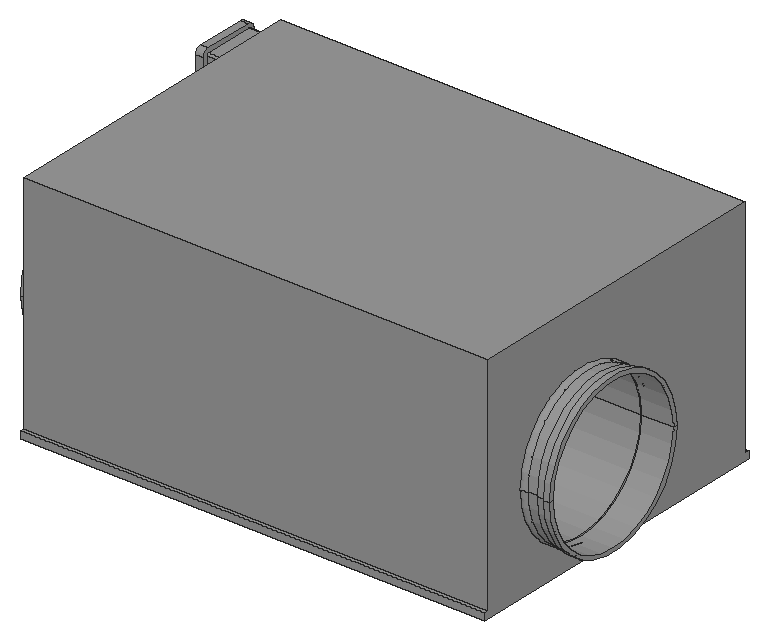
Revit family "IRB 200 E1 ErP AC_7880037", category Mechanical Equipment, Revit 2014
Parameters (values of type "IRB 200 E1 ErP AC")
  Wiring diagram = "4040001"
  Width = 702 mm
  Weight = 20.20 kg
  Voltage range = "220-240"
  Voltage = 230 V
  Speed = "2790 rpm"
  Sound pressure level at 3 m = "49 dB(A)"
  Power = 209 W
  Phase = 1
  Max. temperature of transported air when speed controlled = 60 °C
  Max. temperature of transported air = 60 °C
  Main Material = Steel, Galvanized
  Height = 507 mm
  Frequency = 50 Hz
  Elevation [instance] = 2600 mm
  Diameter = 200 mm
  Description = "Insulated duct fans with circular connections"
  Depth = 308 mm
  Current = 1.1 A
  Capacitor = "6"
Reference planes
  plane 1 "Center (Front/Back)": y = 0
  plane 2: z = 0
  plane 3 "Center (Left/Right)": x = 0
  plane 4: z = 2600
Dimensions and locks
  "Elevation": plane 4 to plane 2
  aligned and locked: level to plane 2
  aligned and locked: plane 1 "Center (Front/Back)" to nested 1
  aligned and locked: plane 3 "Center (Left/Right)" to nested 1
  aligned and locked: nested 1 to plane 4
  aligned and locked: nested 1 to nested 2  (x2)
Nested families
  nested 1: "IRB 200 A1 AC GEOMETRY" at (0, 0, 2600), type "IRB 200 A1 AC GEOMETRY"
  nested 2: "Flow direction symbol" at (0, 0, 0), type "Flow direction symbol"
Connectors
  electrical at (-351, 167.5, 2856.5), driven by "Phase", driven by "Voltage", driven by "Power"
    settings: on nested 1, index 1, voltage 230 V, apparent load 0 VA, apparent load phase1 209 VA, apparent load phase2 0 VA, apparent load phase3 0 VA, power factor 1, load classification "HVAC", number of poles 1, system type 31, power factor state 1, is connector primary yes, connector utility no, sub classification motor no, connector description ""
  hvac at (-351, -59, 2731.124), driven by "Diameter"
    settings: on nested 1, index 2, duct flow 0.0 L/s, flow factor 0, pres drop 0.0 Pa, loss coef 0, conn angle 0.00°, conn width 304.8 mm, conn height 304.8 mm, conn diameter 200 mm, duct sys type 1, conn prof type 0, flow config 0, flow direction 1, loss method 0, conn ref index -1, conn util no, is conn primary yes, conn desc ""
  hvac at (351, -59, 2731.124), driven by "Diameter"
    settings: on nested 1, index 3, duct flow 0.0 L/s, flow factor 0, pres drop 0.0 Pa, loss coef 0, conn angle 0.00°, conn width 304.8 mm, conn height 304.8 mm, conn diameter 200 mm, duct sys type 3, conn prof type 0, flow config 0, flow direction 2, loss method 0, conn ref index -1, conn util no, is conn primary no, conn desc ""
Definition of nested family "IRB 200 A1 AC GEOMETRY"
  Parameters (values of type "03_IRB 200 A1 AC GEOMETRY")
    Main Material = Steel, Galvanized
    Description = ""
  Reference planes
    plane 1 "Center (Front/Back)": y = 0
    plane 2: z = 0
    plane 3 "Center (Left/Right)": x = 0
    plane 4: z = 308
    plane 5 "Horizontal Pipe Axis": z = 131.124
    plane 6: z = 10
    plane 7: z = 298
    plane 8: x = -308
    plane 9: x = 308
    plane 10: x = 351
    plane 11: y = 219
    plane 12: y = -219
    plane 13 "Vertical Pipe Axis": y = -59
    plane 14: y = 209
    plane 15: x = -351
    plane 16: x = -341
  Forms (mm)
    Extrusion 1, solid, material "Steel, Galvanized" <- "Main Material", detail levels medium+fine
      sketch origin (0, 0, 0) x (0, 1, 0) y (0, 0, 1)
        loop
          line (-219, 0) -> (219, 0) -> (219, 10) -> (214, 10) -> (214, 11) -> (214, 308) -> (-214, 308) -> (-214, 10) -> (-219, 10) -> (-219, 0)
      from -308 to 308
    Extrusion 2, void
      sketch origin (0, 0, 0) x (0, 1, 0) y (0, 0, 1)
        loop
          circle (-59, 131.124) r 100
      from -809.837 to 500.936
    Extrusion 3, solid, material "Steel, Galvanized" <- "Main Material", detail levels coarse
      sketch origin (0, 0, 0) x (0, 1, 0) y (0, 0, 1)
        loop
          circle (-59, 131.124) r 100
      from 308 to 351
    Extrusion 4, solid, material "Steel, Galvanized" <- "Main Material", detail levels coarse
      sketch origin (0, 0, 0) x (0, 1, 0) y (0, 0, -1)
        loop
          circle (-59, -131.124) r 100
      from 308 to 351
    Extrusion 5, solid, material "Steel, Galvanized" <- "Main Material", detail levels coarse
      sketch origin (0, 0, 0) x (0, 1, 0) y (0, 0, 1)
        loop
          line (219, 308) -> (-219, 308) -> (-219, 0) -> (219, 0) -> (219, 308)
      from -308 to 308
    Sweep 6, solid, material "Plastic, Opaque White", detail levels fine
      path origin (0, 0, 0) x (1, 0, 0) y (0, 1, 0)
        loop
          line (-341, 209) -> (-351, 209)
      profile origin (-346, 209, 0) x (0, -1, 0) y (0, 0, 1)
        loop
          arc (8.073, 298) -> (2.365, 295.635) -> (0, 289.927) r 8.073
          line (0, 289.927) -> (0, 223.073)
          arc (0, 223.073) -> (2.365, 217.365) -> (8.073, 215) r 8.073
          line (8.073, 215) -> (74.927, 215)
          arc (74.927, 215) -> (80.635, 217.365) -> (83, 223.073) r 8.073
          line (83, 223.073) -> (83, 289.927)
          arc (83, 289.927) -> (80.635, 295.635) -> (74.927, 298) r 8.073
          line (74.927, 298) -> (8.073, 298)
    Sweep 7, solid, material "Plastic, Opaque White", detail levels fine
      path origin (0, 0, 0) x (1, 0, 0) y (0, 1, 0)
        loop
          line (-341, 167.5) -> (-308, 167.5)
      profile origin (-324.5, 167.5, 0) x (0, 1, 0) y (0, 0, 1)
        loop
          line (33.427, 293) -> (-33.427, 293)
          arc (-33.427, 293) -> (-35.6, 292.1) -> (-36.5, 289.927) r 3.073
          line (-36.5, 289.927) -> (-36.5, 223.073)
          arc (-36.5, 223.073) -> (-35.6, 220.9) -> (-33.427, 220) r 3.073
          line (-33.427, 220) -> (33.427, 220)
          arc (33.427, 220) -> (35.6, 220.9) -> (36.5, 223.073) r 3.073
          line (36.5, 223.073) -> (36.5, 289.927)
          arc (36.5, 289.927) -> (35.6, 292.1) -> (33.427, 293) r 3.073
    Revolve 8, solid, material "Steel, Galvanized" <- "Main Material", detail levels medium+fine
      sketch origin (0, 0, 131.124) x (-1, 0, 0) y (0, -1, 0)
        loop
          line (351, -41) -> (351, 59) -> (308, 59) -> (308, -42)
          arc (308, -42) -> (313, -44.055) -> (318, -42) r 7.111
          line (318, -42) -> (333, -42) -> (333, -44) -> (343, -44) -> (343, -46) -> (351, -46) -> (351, -41)
        axis (308, 59) -> (351, 59)
      angle from 0 to 360
    Revolve 9, solid, material "Steel, Galvanized" <- "Main Material", detail levels medium+fine
      sketch origin (0, 0, 131.124) x (1, 0, 0) y (0, -1, 0)
        loop
          line (351, -41) -> (351, 59) -> (308, 59) -> (308, -42)
          arc (308, -42) -> (313, -44.055) -> (318, -42) r 7.111
          line (318, -42) -> (333, -42) -> (333, -44) -> (343, -44) -> (343, -46) -> (351, -46) -> (351, -41)
        axis (308, 59) -> (351, 59)
      angle from 0 to 360
  Cuts and joins
    Extrusion 2 cuts Extrusion 1
    joined: Sweep 6, Sweep 7
    Extrusion 2 cuts Revolve 9
    Extrusion 2 cuts Revolve 8
  Dimensions and locks
    plane 3 "Center (Left/Right)" to plane 10 = 351 mm
    plane 4 to plane 5 "Horizontal Pipe Axis" = 176.876 mm  (x2)
    plane 4 to level = 308 mm
    locked: plane 11 to plane 14 at 10
    locked: plane 4 to plane 7 at 10
    locked: plane 15 to plane 8 at 43
    locked: plane 9 to plane 10 at 43
    locked: plane 12 to plane 13 "Vertical Pipe Axis" at 160
    locked: plane 15 to plane 16 at 10
    equal spacing: plane 15, plane 3 "Center (Left/Right)", plane 10
    aligned and locked: level to plane 2
    aligned and locked: Extrusion 1 sketch curve to plane 12
    aligned and locked: plane 2 to Extrusion 1 sketch curve
    aligned and locked: Extrusion 1 sketch curve to plane 11
    aligned and locked: Extrusion 1 to plane 9
    aligned and locked: Extrusion 1 to plane 8
    aligned and locked: Extrusion 3 to plane 10
    aligned and locked: plane 9 to Extrusion 3
    aligned and locked: plane 8 to Extrusion 4
    aligned and locked: Extrusion 4 to plane 8  (x2)
    aligned and locked: plane 4 to Extrusion 5 sketch curve
    aligned and locked: plane 11 to Extrusion 5 sketch curve
    aligned and locked: Extrusion 5 sketch curve to cut or joined group of Extrusion 1, Extrusion 2  (x2)
    aligned and locked: Extrusion 5 to plane 8
    aligned and locked: Extrusion 5 to plane 9
    aligned and locked: Sweep 6 sketch curve to plane 7
    aligned and locked: Sweep 6 sketch curve to plane 14
    aligned and locked: plane 8 to Sweep 7 sketch curve
    aligned and locked: plane 16 to Sweep 7 sketch curve
    aligned and locked: plane 16 to Sweep 6 sketch curve
    aligned and locked: plane 15 to Sweep 6 sketch curve
    aligned and locked: Extrusion 4 to plane 15
    aligned and locked: Extrusion 3 to plane 9
    aligned and locked: plane 10 to Extrusion 3
    aligned and locked: Revolve 8 sketch curve to Revolve 8 sketch curve  (x2)
    aligned and locked: Revolve 9 sketch curve to Revolve 9 sketch curve  (x2)
    aligned and locked: plane 9 to Revolve 9
    aligned and locked: plane 10 to Revolve 9
  Automatic sketch dimensions
    Extrusion 1 sketch curve to plane 4 = 0 mm
    Extrusion 1 sketch curve to plane 6 = 0 mm  (x2)
    Extrusion 1 sketch curve to plane 12 = 5 mm
    Extrusion 1 sketch curve to plane 11 = 5 mm
    plane 6 to Extrusion 1 sketch curve = 1 mm
    Extrusion 2 sketch curve to plane 5 "Horizontal Pipe Axis" = 0 mm
    Extrusion 2 sketch curve to plane 13 "Vertical Pipe Axis" = 0 mm
    Extrusion 3 sketch curve to plane 5 "Horizontal Pipe Axis" = 0 mm
    Extrusion 3 sketch curve to plane 13 "Vertical Pipe Axis" = 0 mm
    Extrusion 4 sketch curve to plane 5 "Horizontal Pipe Axis" = 0 mm
    Extrusion 4 sketch curve to plane 13 "Vertical Pipe Axis" = 0 mm
    Sweep 6 sketch curve to plane 14 = 0 mm
    Sweep 6 sketch curve to profile plane = 8.073 mm  (x2)
    Sweep 6 sketch curve to Sweep 6 sketch curve = 66.854 mm  (x3)
    Sweep 6 sketch curve to Sweep 6 sketch curve = 8.073 mm
    Sweep 7 sketch curve to plane 14 = 41.5 mm
    profile plane to Sweep 7 sketch curve = 36.5 mm
    Sweep 7 sketch curve to Sweep 7 sketch curve = 3.073 mm  (x3)
    Sweep 7 sketch curve to profile plane = 33.427 mm  (x2)
    level to Sweep 7 sketch curve = 220 mm
    Sweep 7 sketch curve to Sweep 7 sketch curve = 66.854 mm
    Revolve 8 sketch curve to plane 8 = 0 mm
    Revolve 8 sketch curve to plane 15 = 0 mm
    plane 13 "Vertical Pipe Axis" to Revolve 8 sketch curve = 0 mm
    Revolve 8 sketch curve to plane 8 = 5 mm
    Revolve 8 sketch curve to Revolve 8 sketch curve = 5 mm
    plane 16 to Revolve 8 sketch curve = 8 mm
    Revolve 8 sketch curve to plane 16 = 2 mm
    Revolve 8 sketch curve to plane 1 "Center (Front/Back)" = 36.944 mm
    Revolve 8 sketch curve to Revolve 8 sketch curve = 4.056 mm
    Revolve 8 sketch curve to Revolve 8 sketch curve = 5.056 mm
    Revolve 8 sketch curve to Revolve 8 sketch curve = 2 mm  (x2)
    Revolve 8 sketch curve to plane 15 = 52 mm
    Revolve 9 sketch curve to plane 9 = 0 mm
    Revolve 9 sketch curve to plane 10 = 0 mm
    plane 13 "Vertical Pipe Axis" to Revolve 9 sketch curve = 0 mm
    plane 9 to Revolve 9 sketch curve = 5 mm
    Revolve 9 sketch curve to Revolve 9 sketch curve = 5 mm
    Revolve 9 sketch curve to Revolve 9 sketch curve = 15 mm
    Revolve 9 sketch curve to plane 10 = 8 mm
    plane 1 "Center (Front/Back)" to Revolve 9 sketch curve = 36.944 mm
    Revolve 9 sketch curve to Revolve 9 sketch curve = 4.056 mm
    Revolve 9 sketch curve to Revolve 9 sketch curve = 5.056 mm
    Revolve 9 sketch curve to Revolve 9 sketch curve = 2 mm  (x2)
    plane 10 to Revolve 9 sketch curve = 52 mm
    radius of Extrusion 2 sketch curve = 100 mm
    radius of Extrusion 3 sketch curve = 100 mm
    radius of Extrusion 4 sketch curve = 100 mm
Definition of nested family "Flow direction symbol"
  Parameters (values of type "Flow direction symbol")
    Warning = "!"
    Text = "DIMENSIONS OVERCONSTRAINT"
  Reference planes
    plane 1: y = 0
    plane 2: x = 0
  Lines and regions (mm)
    detail lines
      curve 1: line (-0.506, 0.877, 0) -> (-0.506, -0.877, 0)
      curve 2: line (1.012, 0, 0) -> (-0.506, -0.877, 0)
      curve 3: line (-0.506, 0.877, 0) -> (1.012, 0, 0)
      curve 4: circle (0, 0, 0) r 1 normal (0, 0, 1)
